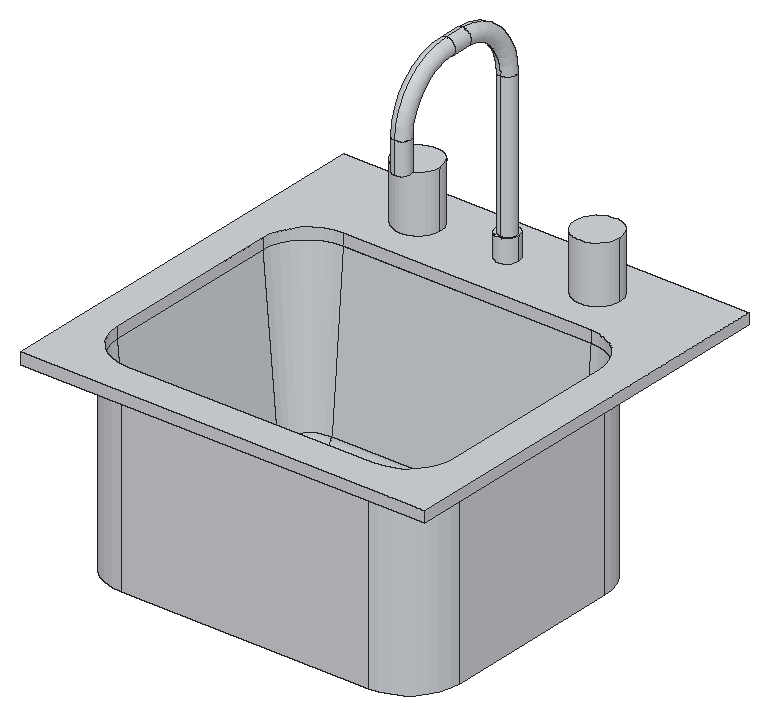
Revit family "512c5a6ceecd4984b52ba4ecfa223d05", category Plumbing Fixtures, host Face, Revit 2021
Family settings
  Host = Face
  Round Connector Dimension = Use Radius
  Part Type = Normal
  OmniClass Number = 23.45.05.14.14
  OmniClass Title = Sinks/Lavatories
  Seek Item ID = Sink - Island - Single-0000-USA-ENU
  Cut with Voids When Loaded = No
  Shared = No
  Room Calculation Point = No
Parameters (values of type "18"x18" - Public")
  WFU = 2
  Sink Width = 1' - 6"
  Sink Material = none
  Sink Length = 1' - 6"
  Sanitary Radius = 3/4"
  Hot Water Radius = 1/4"
  Hot Water Diameter = Hot Water Radius * 2  # 1/2"
  HWFU = 3
  Flow Pressure [instance] = 8.00 psi
  Faucet Material = none
  Sanitary Diameter = Sanitary Radius * 2  # 1 1/2"
  Sink Depth = 0' - 8"
  Default Elevation = 0' - 0"
  Cold Water Radius = 1/4"
  Cold Water Diameter = Cold Water Radius * 2  # 1/2"
  CWFU = 3
  Assembly Code = ""
Types (2): name | HWFU | CWFU
  18"x18" - Private | 1 | 1
  18"x18" - Public | 3 | 3
Reference planes (in)
  plane 1 "Center (Front/Back)": y = 0
  plane 2: z = 0
  plane 3 "Center (Left/Right)": x = 0
  plane 4: x = -4
  plane 5: x = 4
  plane 6: y = 6.84234
  plane 7: y = 6.84234
  plane 8: y = 6.84234
  plane 9: z = 10.375
  plane 10: y = 0.96734
  plane 11: z = -8.375
  plane 12: z = -8
  plane 13: x = -9
  plane 14: x = 9
  plane 15: y = 9
  plane 16: y = -9
  plane 17: z = 0.5
  plane 18: y = 6.8522
  plane 19: x = -4
  plane 20: x = 4
Forms (in)
  Extrusion 1, solid, material <- "Sink Material"
    sketch origin (-0.61769, 0, -36) x (1, 0, 0) y (0, 1, 0)
      loop
        line (-8.38231, 9) -> (-8.38231, -9) -> (9.61769, -9) -> (9.61769, 9) -> (-8.38231, 9)
      loop
        arc (-4.88231, 4.59234) -> (-6.29653, 4.00655) -> (-6.88231, 2.59234) r 2
        line (-6.88231, 2.59234) -> (-6.88231, -5.5)
        arc (-6.88231, -5.5) -> (-6.29653, -6.91421) -> (-4.88231, -7.5) r 2
        line (-4.88231, -7.5) -> (6.11769, -7.5)
        arc (6.11769, -7.5) -> (7.5319, -6.91421) -> (8.11769, -5.5) r 2
        line (8.11769, -5.5) -> (8.11769, 2.59234)
        arc (8.11769, 2.59234) -> (7.5319, 4.00655) -> (6.11769, 4.59234) r 2
        line (6.11769, 4.59234) -> (-4.88231, 4.59234)
    from 36 to 36.5
  Sweep 2, solid, material <- "Sink Material"
    path origin (-0.61769, 0, -36) x (1, 0, 0) y (0, 1, 0)
      loop
        arc (-4.88231, 4.59234) -> (-6.29653, 4.00655) -> (-6.88231, 2.59234) r 2
        line (-6.88231, 2.59234) -> (-6.88231, -5.5)
        arc (-6.88231, -5.5) -> (-6.29653, -6.91421) -> (-4.88231, -7.5) r 2
        line (-4.88231, -7.5) -> (6.11769, -7.5)
        arc (6.11769, -7.5) -> (7.5319, -6.91421) -> (8.11769, -5.5) r 2
        line (8.11769, -5.5) -> (8.11769, 2.59234)
        arc (8.11769, 2.59234) -> (7.5319, 4.00655) -> (6.11769, 4.59234) r 2
        line (6.11769, 4.59234) -> (-4.88231, 4.59234)
    profile origin (0, 0, 0) x (0, 1, 0) y (0, 0, 1)
      loop
        line (4.59234, 0) -> (3.94139, -7.31537)
        arc (3.94139, -7.31537) -> (3.70094, -7.80296) -> (3.19424, -8) r 0.75
        line (3.19424, -8) -> (3.09234, -8) -> (3.09234, -8.375) -> (4.84234, -8.375) -> (4.84234, 0) -> (4.59234, 0)
  Extrusion 3, solid, material <- "Sink Material"
    sketch origin (-0.61769, 0, -36) x (1, 0, 0) y (0, 1, 0)
      loop
        arc (-4.88231, 3.09234) -> (-5.23587, 2.94589) -> (-5.38231, 2.59234) r 0.5
        line (-5.38231, 2.59234) -> (-5.38231, -5.5)
        arc (-5.38231, -5.5) -> (-5.23587, -5.85355) -> (-4.88231, -6) r 0.5
        line (-4.88231, -6) -> (6.11769, -6)
        arc (6.11769, -6) -> (6.47124, -5.85355) -> (6.61769, -5.5) r 0.5
        line (6.61769, -5.5) -> (6.61769, 2.59234)
        arc (6.61769, 2.59234) -> (6.47124, 2.94589) -> (6.11769, 3.09234) r 0.5
        line (6.11769, 3.09234) -> (-4.88231, 3.09234)
      loop
        circle (0.61769, 0) r 1
    from 27.625 to 28
  Extrusion 4, solid, material <- "Faucet Material", detail levels fine
    sketch origin (-0.61769, 0, -36) x (1, 0, 0) y (0, 1, 0)
      loop
        circle (-3.38231, 6.8522) r 1
      loop
        circle (4.61769, 6.8522) r 1
    from 36 to 39
  Sweep 5, solid, material <- "Faucet Material", detail levels fine
    path origin (0, 0, -36) x (0, 1, 0) y (0, 0, 1)
      loop
        line (6.84234, 36.5) -> (6.84234, 43.875)
        arc (6.84234, 43.875) -> (6.11011, 45.64277) -> (4.34234, 46.375) r 2.5
        line (4.34234, 46.375) -> (3.46734, 46.375)
        arc (3.46734, 46.375) -> (1.69957, 45.64277) -> (0.96734, 43.875) r 2.5
        line (0.96734, 43.875) -> (0.96734, 42.5)
    profile origin (0.61769, 0, 4.1875) x (0, -1, 0) y (1, 0, 0)
      loop
        circle (-6.84234, -0.61769) r 0.375
  Extrusion 6, solid, material <- "Faucet Material", detail levels fine
    sketch origin (-0.61769, 0, -36) x (1, 0, 0) y (0, 1, 0)
      loop
        circle (0.61769, 6.84234) r 0.5
    from 36.5 to 37.5
  Extrusion 7, solid, material <- "Sink Material"
    sketch origin (0, 0, 0) x (1, 0, 0) y (0, 1, 0)
      loop
        circle (0, 0) r 1
    from -8.375 to -8
Dimensions and locks (in)
  locked: plane 8 to plane 10 at 5.875
  locked: plane 12 to plane 11 at 0.375
  equal spacing: plane 13, plane 3 "Center (Left/Right)", plane 14
  "Sink Length": plane 13 to plane 14
  "Sink Width": plane 15 to plane 16
  equal spacing: plane 15, plane 1 "Center (Front/Back)", plane 16
  "Sink Depth": level to plane 12
  locked: plane 17 to plane 2 at 0.5
  locked: plane 3 "Center (Left/Right)" to plane 20 at 4
  plane 19 to plane 3 "Center (Left/Right)" = 0' - 4"
  radius of Extrusion 7 sketch curve = 0' - 1"
  aligned and locked: plane 2 to host face
  aligned and locked: level to host face
  aligned and locked: Sweep 2 to Extrusion 3 sketch curve  (x4)
  aligned and locked: Sweep 2 to Extrusion 3
  aligned and locked: Extrusion 6 to Extrusion 1
  aligned and locked: Sweep 5 sketch curve to plane 8
  aligned and locked: plane 9 to Sweep 5 sketch curve
  aligned and locked: plane 10 to Sweep 5 sketch curve
  aligned and locked: Extrusion 1 to plane 2
  aligned and locked: Extrusion 3 to plane 11
  aligned and locked: Sweep 2 to plane 11
  aligned and locked: Sweep 2 to level
  aligned and locked: plane 12 to Sweep 2 sketch curve
  aligned and locked: plane 2 to Sweep 2 sketch curve
  aligned and locked: Extrusion 4 to level
  aligned and locked: plane 1 "Center (Front/Back)" to Extrusion 7 sketch curve
  aligned and locked: plane 3 "Center (Left/Right)" to Extrusion 7 sketch curve
  aligned and locked: Extrusion 7 to plane 11
  aligned and locked: plane 12 to Extrusion 7
Automatic sketch dimensions
  Extrusion 1 sketch curve to plane 13 = 0' - 0"
  Extrusion 1 sketch curve to plane 14 = 0' - 0"
  Extrusion 1 sketch curve to plane 16 = 0' - 0"
  Extrusion 1 sketch curve to plane 15 = 0' - 0"
  plane 13 to Extrusion 1 sketch curve = 0' - 1 1/2"
  Extrusion 1 sketch curve to Extrusion 1 sketch curve = 0' - 2"  (x2)
  plane 16 to Extrusion 1 sketch curve = 0' - 1 1/2"
  Extrusion 1 sketch curve to plane 14 = 0' - 3 1/2"  (x2)
  Extrusion 1 sketch curve to plane 14 = 0' - 1 1/2"
  Extrusion 1 sketch curve to plane 1 "Center (Front/Back)" = 0' - 2.59234"
  plane 13 to Sweep 2 sketch curve = 0' - 1 1/2"
  plane 16 to Sweep 2 sketch curve = 0' - 1 1/2"
  Sweep 2 sketch curve to Sweep 2 sketch curve = 0' - 2"  (x2)
  Sweep 2 sketch curve to plane 14 = 0' - 3 1/2"  (x2)
  Sweep 2 sketch curve to plane 14 = 0' - 1 1/2"
  Sweep 2 sketch curve to plane 1 "Center (Front/Back)" = 0' - 2.59234"
  Sweep 2 sketch curve to profile plane = 0' - 0"
  profile plane to Sweep 2 sketch curve = 0' - 0.65095"
  Sweep 2 sketch curve to Sweep 2 sketch curve = 0' - 0.74715"
  Sweep 2 sketch curve to Sweep 2 sketch curve = 0' - 0.10191"
  Sweep 2 sketch curve to profile plane = 0' - 0 1/4"
  Sweep 2 sketch curve to Sweep 2 sketch curve = 0' - 0 3/8"
  Sweep 2 sketch curve to Sweep 2 sketch curve = 0' - 0.68463"
  Extrusion 3 sketch curve to Extrusion 3 sketch curve = 0' - 0"  (x2)
  Extrusion 3 sketch curve to plane 1 "Center (Front/Back)" = 0' - 0"
  Extrusion 3 sketch curve to plane 3 "Center (Left/Right)" = 0' - 0"
  Extrusion 3 sketch curve to Extrusion 3 sketch curve = 0' - 0 1/2"  (x4)
  Extrusion 3 sketch curve to plane 3 "Center (Left/Right)" = 0' - 1"
  Sweep 5 sketch curve to Sweep 5 sketch curve = 0' - 2 1/2"
  Sweep 5 sketch curve to Sweep 5 sketch curve = 0' - 0 7/8"
  Sweep 5 sketch curve to Sweep 5 sketch curve = 0' - 1 3/8"
  level to Sweep 5 sketch curve = 0' - 0 1/2"
  Sweep 5 sketch curve to Sweep 5 sketch curve = 0' - 0"  (x2)
  Sweep 5 sketch curve to profile plane = 0' - 0"
  profile plane to Sweep 5 sketch curve = 0' - 0 3/8"
  Extrusion 6 sketch curve to Extrusion 6 sketch curve = 0' - 0"  (x2)
  Extrusion 6 sketch curve to plane 7 = 0' - 0"
  Extrusion 6 sketch curve to plane 3 "Center (Left/Right)" = 0' - 0"
  Extrusion 6 sketch curve to plane 3 "Center (Left/Right)" = 0' - 0 1/2"
  Extrusion 4 sketch curve to Extrusion 4 sketch curve = 0' - 0"  (x4)
  Extrusion 4 sketch curve to plane 18 = 0' - 0"  (x2)
  Extrusion 4 sketch curve to plane 4 = 0' - 0"
  Extrusion 4 sketch curve to plane 5 = 0' - 0"
  plane 4 to Extrusion 4 sketch curve = 0' - 1"
  plane 5 to Extrusion 4 sketch curve = 0' - 1"
  host sketch curve to host sketch curve = 8' - 0"  (x2)
Connectors (in)
  piping at (4, 6.8522, 0), diameter 0.5, driven by "CWFU", driven by "Flow Pressure", driven by "Cold Water Radius"
    settings: on Extrusion 4, index 1, connector inside diameter 1/2", connector length 0' - 0", flow factor 0, pipe flow 0 GPM, pressure drop 8.00 psi, fitting loss kfactor 0, connector angle 0.00°, fixture units 3, engagement length 0' - 0", angle of deflection 0.00°, flow configuration 3, flow direction 1, fitting loss method 4, system type 20, joint type 0, gender type 0, connector reference index -1, connector utility 0, adjustable connector no, is connector primary yes, connector description "In"
  piping at (-4, 6.8522, 0), diameter 0.5, driven by "HWFU", driven by "Flow Pressure", driven by "Hot Water Radius"
    settings: on Extrusion 4, index 2, connector inside diameter 1/2", connector length 0' - 0", flow factor 0, pipe flow 0 GPM, pressure drop 8.00 psi, fitting loss kfactor 0, connector angle 0.00°, fixture units 3, engagement length 0' - 0", angle of deflection 0.00°, flow configuration 3, flow direction 1, fitting loss method 4, system type 19, joint type 0, gender type 0, connector reference index -1, connector utility 0, adjustable connector no, is connector primary no, connector description "In"
  piping at (0, 0, -8.375), diameter 1.5, driven by "WFU", driven by "Sanitary Radius"
    settings: on Extrusion 3, index 3, connector inside diameter 1 1/2", connector length 0' - 0", flow factor 0, pipe flow 0 GPM, pressure drop 0.00 psi, fitting loss kfactor 0, connector angle 0.00°, fixture units 2, engagement length 0' - 0", angle of deflection 0.00°, flow configuration 3, flow direction 2, fitting loss method 0, system type 16, joint type 0, gender type 0, connector reference index -1, connector utility 0, adjustable connector no, is connector primary no, connector description "Out"
